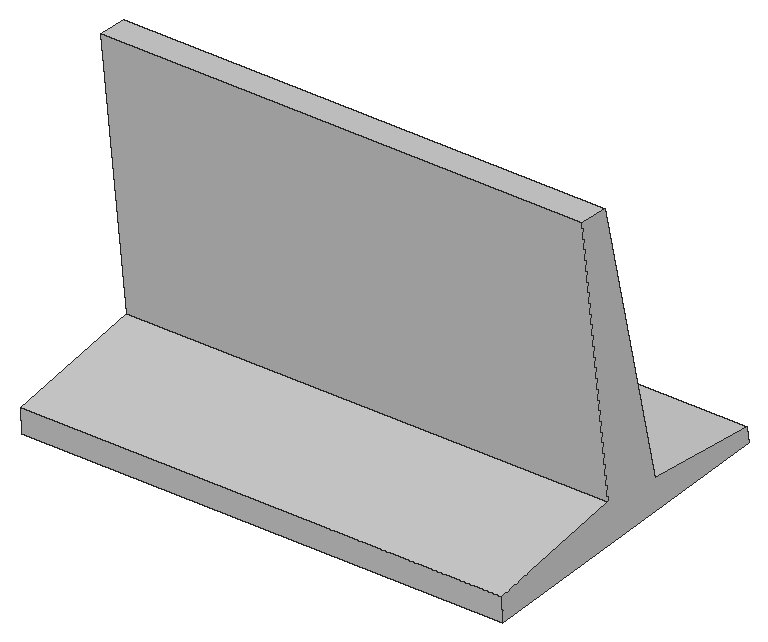
Revit family "12bb6de11f4843849929a9e8475fd457", category Structural Foundations, Revit 2021
Family settings
  Material for Model Behavior = Other
  Cap = No
  OmniClass Number = 23.10.20.14
  OmniClass Title = Retaining Walls
  Seek Item ID = RetainingWall_Par_Family_Trap-0000-USA-ENU
  Work Plane-Based = No
  Always vertical = Yes
  Cut with Voids When Loaded = No
  Shared = No
Parameters (values of type "Standard")
  hdiff = h3 - h4  # 0' - 2.10745"
  h7 = h4 - h6  # 9' - 3.38818"
  h6 = Gw1 * tan(Alpha - Beta)  # -0' - 0.41905"
  h4 = (H - Gf3 * cos(Alpha) + Bw * sin(Alpha)) / cos(Beta)  # 9' - 2.96913"
  h3 = (H - Gf3 * cos(Alpha) + (Bw + Gw2) * sin(Alpha)) / cos(Beta)  # 9' - 5.07658"
  h2 = (Bw + Gw2) * sin(Alpha)  # 0' - 6.18806"
  h1 = Gf4 * cos(Alpha)  # 1' - 3.93912"
  Tmp2 = (Bw + Gf3 * tan(Alpha - Gamma)) * cos(Alpha - Gamma)  # 3' - 8.82571"
  Tmp1 = (Bw + Gw2 + Gf4 * tan(Alpha - Beta)) * cos(Alpha - Beta)  # 5' - 10.39836"
  Structural Material [instance] = Concrete, Cast-in-Place gray
  Length [instance] = 16' - 5"
  H = 9' - 10"
  Gw2 = 2' - 0"
  Gw1 = 1' - 0"
  Gf4 = 1' - 4"
  Gf3 = 1' - 0"
  Gf2 = 0' - 10"
  Gf1 = 0' - 6"
  Gamma2 = atan((Gw2 * cos(Alpha - Beta) - Gw1 * cos(Alpha - Beta)) / h7)  # 6.14512°
  Gamma = Gamma2 + Beta  # 13.1451°
  Bw = 3' - 11"
  Bs1 = 1' - 0"
  Beta = 7.00°
  B = 10' - 6"
  Assembly Code = ""
  Alpha = 5.00°
Reference planes (in)
  plane 1 "Center (Front/Back)": y = 0
  plane 2: z = 0
  plane 3 "Center (Left/Right)": x = 0
  plane 4: z = 118
  plane 5: x = 197
  plane 6: z = 103.82677
  plane 7: z = 95.95276
  plane 8: y = -94.32798
Forms (in)
  Sweep 1, solid, material "Concrete, Cast-in-Place gray" <- "Structural Material"
    path origin (0, 0, 0) x (1, 0, 0) y (0, 1, 0)
      loop
        line (0, 0) -> (197, 0)
    profile "Trap-Profile : Trap-Profile" origin (98.5, 0, 0) x (0, 1, 0) y (0, 0, 1)
      loop
        line (-73.58931, 118) -> (-85.41561, 118) -> (-72.12432, 9.75106) -> (-126.39209, -1.01968) -> (-125.52053, -10.98162) -> (0, 0) -> (-0.52293, 5.97717) -> (-47.86702, 7.85802) -> (-73.58931, 118)
Dimensions and locks (in)
  "H": plane 4 to plane 2
  "Length": plane 3 "Center (Left/Right)" to plane 5
  locked: plane 4 to plane 6 at 14.17323
  locked: plane 6 to plane 7 at 7.87402
  locked: plane 8 to plane 1 "Center (Front/Back)" at 94.32798
  aligned and locked: plane 3 "Center (Left/Right)" to Sweep 1 sketch curve
  aligned and locked: plane 1 "Center (Front/Back)" to Sweep 1 sketch curve
  aligned and locked: plane 5 to Sweep 1 sketch curve
